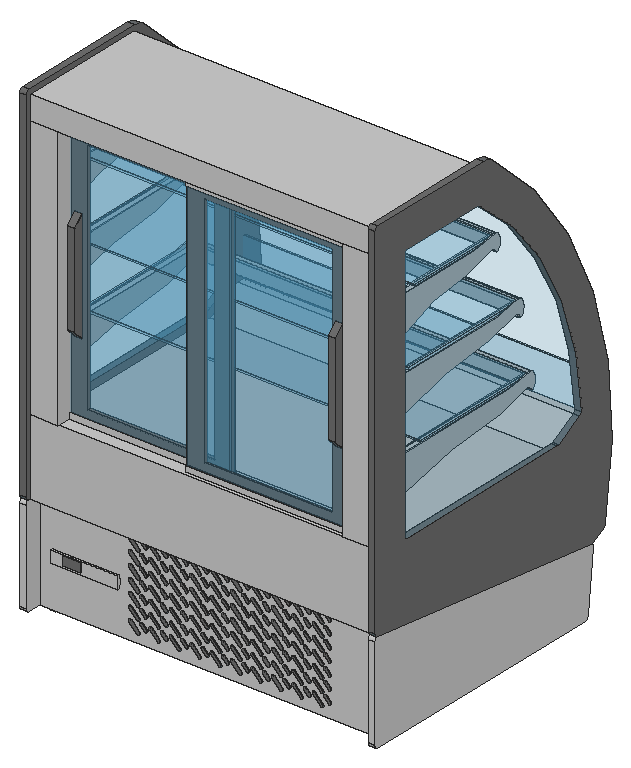
Revit family "QF_INFRICO_VBR9DS_250815081934", category Specialty Equipment, Revit 2021 (continued)
Definition of nested family "QF_INFRICO_VBR9DS_2920"
  Forms (mm)
    Extrusion 68, solid
      sketch origin (1643.376, -765.123, -1.698) x (-1, 0, 0) y (0, 0, 1)
        loop
          arc (1087.053, 236.648) -> (1087.053, 243.012) -> (1080.689, 243.012) r 4.5
          line (1080.689, 243.012) -> (1069.376, 231.698)
          arc (1069.376, 231.698) -> (1069.376, 225.335) -> (1075.739, 225.335) r 4.5
        loop
          line (1096.497, 246.364) -> (1118.417, 268.284)
          arc (1118.417, 268.284) -> (1118.417, 274.648) -> (1112.053, 274.648) r 4.5
          line (1112.053, 274.648) -> (1090.133, 252.728)
          arc (1090.133, 252.728) -> (1090.133, 246.364) -> (1096.497, 246.364) r 4.5
        loop
          line (1075.739, 259.335) -> (1087.053, 270.648)
          arc (1087.053, 270.648) -> (1087.053, 277.012) -> (1080.689, 277.012) r 4.5
          line (1080.689, 277.012) -> (1069.376, 265.698)
          arc (1069.376, 265.698) -> (1069.376, 259.335) -> (1075.739, 259.335) r 4.5
        loop
          line (1040.497, 42.364) -> (1062.417, 64.284)
          arc (1062.417, 64.284) -> (1062.417, 70.648) -> (1056.053, 70.648) r 4.5
          line (1056.053, 70.648) -> (1034.133, 48.728)
          arc (1034.133, 48.728) -> (1034.133, 42.364) -> (1040.497, 42.364) r 4.5
        loop
          line (1019.739, 55.335) -> (1031.053, 66.648)
          arc (1031.053, 66.648) -> (1031.053, 73.012) -> (1024.689, 73.012) r 4.5
          line (1024.689, 73.012) -> (1013.376, 61.698)
          arc (1013.376, 61.698) -> (1013.376, 55.335) -> (1019.739, 55.335) r 4.5
        loop
          line (1040.497, 76.364) -> (1062.417, 98.284)
          arc (1062.417, 98.284) -> (1062.417, 104.648) -> (1056.053, 104.648) r 4.5
          line (1056.053, 104.648) -> (1034.133, 82.728)
          arc (1034.133, 82.728) -> (1034.133, 76.364) -> (1040.497, 76.364) r 4.5
        loop
          line (1019.739, 89.335) -> (1031.053, 100.648)
          arc (1031.053, 100.648) -> (1031.053, 107.012) -> (1024.689, 107.012) r 4.5
          line (1024.689, 107.012) -> (1013.376, 95.698)
          arc (1013.376, 95.698) -> (1013.376, 89.335) -> (1019.739, 89.335) r 4.5
        loop
          line (1040.497, 110.364) -> (1062.417, 132.284)
          arc (1062.417, 132.284) -> (1062.417, 138.648) -> (1056.053, 138.648) r 4.5
          line (1056.053, 138.648) -> (1034.133, 116.728)
          arc (1034.133, 116.728) -> (1034.133, 110.364) -> (1040.497, 110.364) r 4.5
        loop
          line (1019.739, 123.335) -> (1031.053, 134.648)
          arc (1031.053, 134.648) -> (1031.053, 141.012) -> (1024.689, 141.012) r 4.5
          line (1024.689, 141.012) -> (1013.376, 129.698)
          arc (1013.376, 129.698) -> (1013.376, 123.335) -> (1019.739, 123.335) r 4.5
        loop
          line (1040.497, 144.364) -> (1062.417, 166.284)
          arc (1062.417, 166.284) -> (1062.417, 172.648) -> (1056.053, 172.648) r 4.5
          line (1056.053, 172.648) -> (1034.133, 150.728)
          arc (1034.133, 150.728) -> (1034.133, 144.364) -> (1040.497, 144.364) r 4.5
        loop
          line (1019.739, 157.335) -> (1031.053, 168.648)
          arc (1031.053, 168.648) -> (1031.053, 175.012) -> (1024.689, 175.012) r 4.5
          line (1024.689, 175.012) -> (1013.376, 163.698)
          arc (1013.376, 163.698) -> (1013.376, 157.335) -> (1019.739, 157.335) r 4.5
        loop
          line (1040.497, 178.364) -> (1062.417, 200.284)
          arc (1062.417, 200.284) -> (1062.417, 206.648) -> (1056.053, 206.648) r 4.5
          line (1056.053, 206.648) -> (1034.133, 184.728)
          arc (1034.133, 184.728) -> (1034.133, 178.364) -> (1040.497, 178.364) r 4.5
        loop
          line (1019.739, 191.335) -> (1031.053, 202.648)
          arc (1031.053, 202.648) -> (1031.053, 209.012) -> (1024.689, 209.012) r 4.5
          line (1024.689, 209.012) -> (1013.376, 197.698)
          arc (1013.376, 197.698) -> (1013.376, 191.335) -> (1019.739, 191.335) r 4.5
        loop
          line (1040.497, 212.364) -> (1062.417, 234.284)
          arc (1062.417, 234.284) -> (1062.417, 240.648) -> (1056.053, 240.648) r 4.5
          line (1056.053, 240.648) -> (1034.133, 218.728)
          arc (1034.133, 218.728) -> (1034.133, 212.364) -> (1040.497, 212.364) r 4.5
        loop
          line (1019.739, 225.335) -> (1031.053, 236.648)
          arc (1031.053, 236.648) -> (1031.053, 243.012) -> (1024.689, 243.012) r 4.5
          line (1024.689, 243.012) -> (1013.376, 231.698)
          arc (1013.376, 231.698) -> (1013.376, 225.335) -> (1019.739, 225.335) r 4.5
        loop
          line (1040.497, 246.364) -> (1062.417, 268.284)
          arc (1062.417, 268.284) -> (1062.417, 274.648) -> (1056.053, 274.648) r 4.5
          line (1056.053, 274.648) -> (1034.133, 252.728)
          arc (1034.133, 252.728) -> (1034.133, 246.364) -> (1040.497, 246.364) r 4.5
        loop
          line (1019.739, 259.335) -> (1031.053, 270.648)
          arc (1031.053, 270.648) -> (1031.053, 277.012) -> (1024.689, 277.012) r 4.5
          line (1024.689, 277.012) -> (1013.376, 265.698)
          arc (1013.376, 265.698) -> (1013.376, 259.335) -> (1019.739, 259.335) r 4.5
        loop
          line (984.497, 42.364) -> (1006.417, 64.284)
          arc (1006.417, 64.284) -> (1006.417, 70.648) -> (1000.053, 70.648) r 4.5
          line (1000.053, 70.648) -> (978.133, 48.728)
          arc (978.133, 48.728) -> (978.133, 42.364) -> (984.497, 42.364) r 4.5
        loop
          line (963.739, 55.335) -> (975.053, 66.648)
          arc (975.053, 66.648) -> (975.053, 73.012) -> (968.689, 73.012) r 4.5
          line (968.689, 73.012) -> (957.376, 61.698)
          arc (957.376, 61.698) -> (957.376, 55.335) -> (963.739, 55.335) r 4.5
        loop
          line (984.497, 76.364) -> (1006.417, 98.284)
          arc (1006.417, 98.284) -> (1006.417, 104.648) -> (1000.053, 104.648) r 4.5
          line (1000.053, 104.648) -> (978.133, 82.728)
          arc (978.133, 82.728) -> (978.133, 76.364) -> (984.497, 76.364) r 4.5
        loop
          line (963.739, 89.335) -> (975.053, 100.648)
          arc (975.053, 100.648) -> (975.053, 107.012) -> (968.689, 107.012) r 4.5
          line (968.689, 107.012) -> (957.376, 95.698)
          arc (957.376, 95.698) -> (957.376, 89.335) -> (963.739, 89.335) r 4.5
        loop
          line (984.497, 110.364) -> (1006.417, 132.284)
          arc (1006.417, 132.284) -> (1006.417, 138.648) -> (1000.053, 138.648) r 4.5
          line (1000.053, 138.648) -> (978.133, 116.728)
          arc (978.133, 116.728) -> (978.133, 110.364) -> (984.497, 110.364) r 4.5
        loop
          line (963.739, 123.335) -> (975.053, 134.648)
          arc (975.053, 134.648) -> (975.053, 141.012) -> (968.689, 141.012) r 4.5
          line (968.689, 141.012) -> (957.376, 129.698)
          arc (957.376, 129.698) -> (957.376, 123.335) -> (963.739, 123.335) r 4.5
        loop
          line (984.497, 144.364) -> (1006.417, 166.284)
          arc (1006.417, 166.284) -> (1006.417, 172.648) -> (1000.053, 172.648) r 4.5
          line (1000.053, 172.648) -> (978.133, 150.728)
          arc (978.133, 150.728) -> (978.133, 144.364) -> (984.497, 144.364) r 4.5
        loop
          line (963.739, 157.335) -> (975.053, 168.648)
          arc (975.053, 168.648) -> (975.053, 175.012) -> (968.689, 175.012) r 4.5
          line (968.689, 175.012) -> (957.376, 163.698)
          arc (957.376, 163.698) -> (957.376, 157.335) -> (963.739, 157.335) r 4.5
        loop
          line (984.497, 178.364) -> (1006.417, 200.284)
          arc (1006.417, 200.284) -> (1006.417, 206.648) -> (1000.053, 206.648) r 4.5
          line (1000.053, 206.648) -> (978.133, 184.728)
          arc (978.133, 184.728) -> (978.133, 178.364) -> (984.497, 178.364) r 4.5
        loop
          line (963.739, 191.335) -> (975.053, 202.648)
          arc (975.053, 202.648) -> (975.053, 209.012) -> (968.689, 209.012) r 4.5
          line (968.689, 209.012) -> (957.376, 197.698)
          arc (957.376, 197.698) -> (957.376, 191.335) -> (963.739, 191.335) r 4.5
        loop
          line (984.497, 212.364) -> (1006.417, 234.284)
          arc (1006.417, 234.284) -> (1006.417, 240.648) -> (1000.053, 240.648) r 4.5
          line (1000.053, 240.648) -> (978.133, 218.728)
          arc (978.133, 218.728) -> (978.133, 212.364) -> (984.497, 212.364) r 4.5
        loop
          line (963.739, 225.335) -> (975.053, 236.648)
          arc (975.053, 236.648) -> (975.053, 243.012) -> (968.689, 243.012) r 4.5
          line (968.689, 243.012) -> (957.376, 231.698)
          arc (957.376, 231.698) -> (957.376, 225.335) -> (963.739, 225.335) r 4.5
        loop
          line (984.497, 246.364) -> (1006.417, 268.284)
          arc (1006.417, 268.284) -> (1006.417, 274.648) -> (1000.053, 274.648) r 4.5
          line (1000.053, 274.648) -> (978.133, 252.728)
          arc (978.133, 252.728) -> (978.133, 246.364) -> (984.497, 246.364) r 4.5
        loop
          line (963.739, 259.335) -> (975.053, 270.648)
          arc (975.053, 270.648) -> (975.053, 277.012) -> (968.689, 277.012) r 4.5
          line (968.689, 277.012) -> (957.376, 265.698)
          arc (957.376, 265.698) -> (957.376, 259.335) -> (963.739, 259.335) r 4.5
        loop
          line (928.497, 42.364) -> (950.417, 64.284)
          arc (950.417, 64.284) -> (950.417, 70.648) -> (944.053, 70.648) r 4.5
          line (944.053, 70.648) -> (922.133, 48.728)
          arc (922.133, 48.728) -> (922.133, 42.364) -> (928.497, 42.364) r 4.5
        loop
          line (907.739, 55.335) -> (919.053, 66.648)
          arc (919.053, 66.648) -> (919.053, 73.012) -> (912.689, 73.012) r 4.5
          line (912.689, 73.012) -> (901.376, 61.698)
          arc (901.376, 61.698) -> (901.376, 55.335) -> (907.739, 55.335) r 4.5
        loop
          line (928.497, 76.364) -> (950.417, 98.284)
          arc (950.417, 98.284) -> (950.417, 104.648) -> (944.053, 104.648) r 4.5
          line (944.053, 104.648) -> (922.133, 82.728)
          arc (922.133, 82.728) -> (922.133, 76.364) -> (928.497, 76.364) r 4.5
        loop
          line (907.739, 89.335) -> (919.053, 100.648)
          arc (919.053, 100.648) -> (919.053, 107.012) -> (912.689, 107.012) r 4.5
          line (912.689, 107.012) -> (901.376, 95.698)
          arc (901.376, 95.698) -> (901.376, 89.335) -> (907.739, 89.335) r 4.5
        loop
          line (928.497, 110.364) -> (950.417, 132.284)
          arc (950.417, 132.284) -> (950.417, 138.648) -> (944.053, 138.648) r 4.5
          line (944.053, 138.648) -> (922.133, 116.728)
          arc (922.133, 116.728) -> (922.133, 110.364) -> (928.497, 110.364) r 4.5
        loop
          line (907.739, 123.335) -> (919.053, 134.648)
          arc (919.053, 134.648) -> (919.053, 141.012) -> (912.689, 141.012) r 4.5
          line (912.689, 141.012) -> (901.376, 129.698)
          arc (901.376, 129.698) -> (901.376, 123.335) -> (907.739, 123.335) r 4.5
        loop
          line (928.497, 144.364) -> (950.417, 166.284)
          arc (950.417, 166.284) -> (950.417, 172.648) -> (944.053, 172.648) r 4.5
          line (944.053, 172.648) -> (922.133, 150.728)
          arc (922.133, 150.728) -> (922.133, 144.364) -> (928.497, 144.364) r 4.5
        loop
          line (907.739, 157.335) -> (919.053, 168.648)
          arc (919.053, 168.648) -> (919.053, 175.012) -> (912.689, 175.012) r 4.5
          line (912.689, 175.012) -> (901.376, 163.698)
          arc (901.376, 163.698) -> (901.376, 157.335) -> (907.739, 157.335) r 4.5
        loop
          line (928.497, 178.364) -> (950.417, 200.284)
          arc (950.417, 200.284) -> (950.417, 206.648) -> (944.053, 206.648) r 4.5
          line (944.053, 206.648) -> (922.133, 184.728)
          arc (922.133, 184.728) -> (922.133, 178.364) -> (928.497, 178.364) r 4.5
        loop
          line (907.739, 191.335) -> (919.053, 202.648)
          arc (919.053, 202.648) -> (919.053, 209.012) -> (912.689, 209.012) r 4.5
          line (912.689, 209.012) -> (901.376, 197.698)
          arc (901.376, 197.698) -> (901.376, 191.335) -> (907.739, 191.335) r 4.5
        loop
          line (928.497, 212.364) -> (950.417, 234.284)
          arc (950.417, 234.284) -> (950.417, 240.648) -> (944.053, 240.648) r 4.5
          line (944.053, 240.648) -> (922.133, 218.728)
          arc (922.133, 218.728) -> (922.133, 212.364) -> (928.497, 212.364) r 4.5
        loop
          line (907.739, 225.335) -> (919.053, 236.648)
          arc (919.053, 236.648) -> (919.053, 243.012) -> (912.689, 243.012) r 4.5
          line (912.689, 243.012) -> (901.376, 231.698)
          arc (901.376, 231.698) -> (901.376, 225.335) -> (907.739, 225.335) r 4.5
        loop
          line (928.497, 246.364) -> (950.417, 268.284)
          arc (950.417, 268.284) -> (950.417, 274.648) -> (944.053, 274.648) r 4.5
          line (944.053, 274.648) -> (922.133, 252.728)
          arc (922.133, 252.728) -> (922.133, 246.364) -> (928.497, 246.364) r 4.5
        loop
          line (907.739, 259.335) -> (919.053, 270.648)
          arc (919.053, 270.648) -> (919.053, 277.012) -> (912.689, 277.012) r 4.5
          line (912.689, 277.012) -> (901.376, 265.698)
          arc (901.376, 265.698) -> (901.376, 259.335) -> (907.739, 259.335) r 4.5
        loop
          line (872.497, 42.364) -> (894.417, 64.284)
          arc (894.417, 64.284) -> (894.417, 70.648) -> (888.053, 70.648) r 4.5
          line (888.053, 70.648) -> (866.133, 48.728)
          arc (866.133, 48.728) -> (866.133, 42.364) -> (872.497, 42.364) r 4.5
        loop
          line (851.739, 55.335) -> (863.053, 66.648)
          arc (863.053, 66.648) -> (863.053, 73.012) -> (856.689, 73.012) r 4.5
          line (856.689, 73.012) -> (845.376, 61.698)
          arc (845.376, 61.698) -> (845.376, 55.335) -> (851.739, 55.335) r 4.5
        loop
          line (872.497, 76.364) -> (894.417, 98.284)
          arc (894.417, 98.284) -> (894.417, 104.648) -> (888.053, 104.648) r 4.5
          line (888.053, 104.648) -> (866.133, 82.728)
          arc (866.133, 82.728) -> (866.133, 76.364) -> (872.497, 76.364) r 4.5
        loop
          line (851.739, 89.335) -> (863.053, 100.648)
          arc (863.053, 100.648) -> (863.053, 107.012) -> (856.689, 107.012) r 4.5
          line (856.689, 107.012) -> (845.376, 95.698)
          arc (845.376, 95.698) -> (845.376, 89.335) -> (851.739, 89.335) r 4.5
        loop
          line (872.497, 110.364) -> (894.417, 132.284)
          arc (894.417, 132.284) -> (894.417, 138.648) -> (888.053, 138.648) r 4.5
          line (888.053, 138.648) -> (866.133, 116.728)
          arc (866.133, 116.728) -> (866.133, 110.364) -> (872.497, 110.364) r 4.5
        loop
          line (851.739, 123.335) -> (863.053, 134.648)
          arc (863.053, 134.648) -> (863.053, 141.012) -> (856.689, 141.012) r 4.5
          line (856.689, 141.012) -> (845.376, 129.698)
          arc (845.376, 129.698) -> (845.376, 123.335) -> (851.739, 123.335) r 4.5
        loop
          line (872.497, 144.364) -> (894.417, 166.284)
          arc (894.417, 166.284) -> (894.417, 172.648) -> (888.053, 172.648) r 4.5
          line (888.053, 172.648) -> (866.133, 150.728)
          arc (866.133, 150.728) -> (866.133, 144.364) -> (872.497, 144.364) r 4.5
        loop
          line (851.739, 157.335) -> (863.053, 168.648)
          arc (863.053, 168.648) -> (863.053, 175.012) -> (856.689, 175.012) r 4.5
          line (856.689, 175.012) -> (845.376, 163.698)
          arc (845.376, 163.698) -> (845.376, 157.335) -> (851.739, 157.335) r 4.5
        loop
          line (872.497, 178.364) -> (894.417, 200.284)
          arc (894.417, 200.284) -> (894.417, 206.648) -> (888.053, 206.648) r 4.5
          line (888.053, 206.648) -> (866.133, 184.728)
          arc (866.133, 184.728) -> (866.133, 178.364) -> (872.497, 178.364) r 4.5
        loop
          line (851.739, 191.335) -> (863.053, 202.648)
          arc (863.053, 202.648) -> (863.053, 209.012) -> (856.689, 209.012) r 4.5
          line (856.689, 209.012) -> (845.376, 197.698)
          arc (845.376, 197.698) -> (845.376, 191.335) -> (851.739, 191.335) r 4.5
        loop
          line (872.497, 212.364) -> (894.417, 234.284)
          arc (894.417, 234.284) -> (894.417, 240.648) -> (888.053, 240.648) r 4.5
          line (888.053, 240.648) -> (866.133, 218.728)
          arc (866.133, 218.728) -> (866.133, 212.364) -> (872.497, 212.364) r 4.5
        loop
          line (851.739, 225.335) -> (863.053, 236.648)
          arc (863.053, 236.648) -> (863.053, 243.012) -> (856.689, 243.012) r 4.5
          line (856.689, 243.012) -> (845.376, 231.698)
          arc (845.376, 231.698) -> (845.376, 225.335) -> (851.739, 225.335) r 4.5
        loop
          line (872.497, 246.364) -> (894.417, 268.284)
          arc (894.417, 268.284) -> (894.417, 274.648) -> (888.053, 274.648) r 4.5
          line (888.053, 274.648) -> (866.133, 252.728)
          arc (866.133, 252.728) -> (866.133, 246.364) -> (872.497, 246.364) r 4.5
        loop
          line (851.739, 259.335) -> (863.053, 270.648)
          arc (863.053, 270.648) -> (863.053, 277.012) -> (856.689, 277.012) r 4.5
          line (856.689, 277.012) -> (845.376, 265.698)
          arc (845.376, 265.698) -> (845.376, 259.335) -> (851.739, 259.335) r 4.5
      from 0 to 2
    Extrusion 69, solid
      sketch origin (-1164.261, -765.023, -465.555) x (1, 0, 0) y (0, 0, 1)
        loop
          arc (1199.261, 600.555) -> (1290.761, 599.555) -> (1382.261, 600.555) r 4186.625
          arc (1382.261, 600.555) -> (1383.261, 617.555) -> (1382.261, 634.555) r 145
          arc (1382.261, 634.555) -> (1290.761, 635.555) -> (1199.261, 634.555) r 4186.625
          arc (1199.261, 634.555) -> (1198.261, 617.555) -> (1199.261, 600.555) r 145
      from 0 to 5
    Extrusion 70, solid
      sketch origin (-1145.261, -768.123, -465.555) x (1, 0, 0) y (0, 0, 1)
        loop
          line (1212.261, 629.555) -> (1212.261, 605.555) -> (1262.261, 605.555) -> (1262.261, 629.555) -> (1212.261, 629.555)
      from 0 to 2
    Extrusion 71, solid, visible <- "Show Logo"
      sketch origin (1362.72, -52.93, -305.042) x (-1, 0, 0) y (0, -0.045615, -0.998959)
        loop
          line (1208.799, -696.53) -> (1204.173, -696.53) -> (1204.173, -719.204) -> (1208.799, -719.204) -> (1208.799, -696.53)
        loop
          arc (1214.779, -713.006) -> (1215.36, -712.765) -> (1215.601, -712.184) r 0.822
          line (1215.601, -712.184) -> (1215.669, -711.361)
          arc (1215.669, -711.361) -> (1218.282, -712.674) -> (1221.141, -713.281) r 11.435
          arc (1221.141, -713.281) -> (1224.637, -712.075) -> (1226.121, -708.689) r 4.607
          line (1226.121, -708.689) -> (1226.121, -696.53) -> (1221.598, -696.53) -> (1221.598, -707.557)
          arc (1221.598, -707.557) -> (1220.929, -708.961) -> (1219.417, -709.324) r 1.806
          arc (1219.417, -709.324) -> (1217.528, -708.741) -> (1215.772, -707.832) r 11.052
          line (1215.772, -707.832) -> (1215.772, -696.53) -> (1211.283, -696.53) -> (1211.283, -713.006) -> (1214.779, -713.006)
        loop
          line (1238.557, -720.102) -> (1238.557, -717.255)
          arc (1238.557, -717.255) -> (1238.306, -716.65) -> (1237.7, -716.399) r 0.857
          line (1237.7, -716.399) -> (1236.045, -716.271)
          arc (1236.045, -716.271) -> (1234.956, -715.705) -> (1234.547, -714.548) r 1.67
          line (1234.547, -714.548) -> (1234.547, -712.938) -> (1238.249, -712.938) -> (1238.249, -709.374) -> (1234.547, -709.374) -> (1234.547, -696.53) -> (1230.024, -696.53) -> (1230.024, -709.374) -> (1227.351, -709.374) -> (1227.351, -712.703) -> (1230.024, -712.909) -> (1230.024, -715.062)
          arc (1230.024, -715.062) -> (1230.805, -717.616) -> (1232.881, -719.297) r 4.567
          arc (1232.881, -719.297) -> (1235.052, -719.926) -> (1237.306, -720.102) r 11.103
          line (1237.306, -720.102) -> (1238.557, -720.102)
        loop
          line (1239.479, -713.006) -> (1243.726, -713.006) -> (1243.899, -710.984)
          arc (1243.899, -710.984) -> (1246.197, -712.588) -> (1248.912, -713.28) r 7.833
          arc (1248.912, -713.28) -> (1249.531, -713.061) -> (1249.793, -712.458) r 0.824
          line (1249.793, -712.458) -> (1249.793, -710.265)
          arc (1249.793, -710.265) -> (1249.643, -709.758) -> (1249.241, -709.416) r 0.928
          line (1249.241, -709.416) -> (1248.077, -709.268)
          arc (1248.077, -709.268) -> (1245.873, -708.631) -> (1243.968, -707.352) r 7.435
          line (1243.968, -707.352) -> (1243.968, -696.53) -> (1239.479, -696.53) -> (1239.479, -713.006)
        loop
          line (1255.495, -696.53) -> (1251.006, -696.53) -> (1251.006, -713.006) -> (1255.495, -713.006) -> (1255.495, -696.53)
        loop
          line (1257.421, -701.327) -> (1257.421, -708.243)
          arc (1257.421, -708.243) -> (1258.571, -711.349) -> (1261.466, -712.959) r 4.772
          arc (1261.466, -712.959) -> (1264.493, -713.294) -> (1267.521, -712.959) r 13.851
          arc (1267.521, -712.959) -> (1270.524, -710.556) -> (1271.505, -706.838) r 6.132
          line (1271.505, -706.838) -> (1267.187, -706.838) -> (1267.187, -707.9)
          arc (1267.187, -707.9) -> (1266.64, -709.118) -> (1265.442, -709.705) r 1.965
          arc (1265.442, -709.705) -> (1264.547, -709.754) -> (1263.653, -709.705) r 8.196
          arc (1263.653, -709.705) -> (1262.417, -709.155) -> (1261.91, -707.9) r 1.806
          line (1261.91, -707.9) -> (1261.91, -701.67)
          arc (1261.91, -701.67) -> (1262.417, -700.415) -> (1263.653, -699.865) r 1.806
          arc (1263.653, -699.865) -> (1264.547, -699.816) -> (1265.442, -699.865) r 8.196
          arc (1265.442, -699.865) -> (1266.64, -700.452) -> (1267.187, -701.67) r 1.965
          line (1267.187, -701.67) -> (1267.187, -703.041) -> (1271.505, -703.041)
          arc (1271.505, -703.041) -> (1270.575, -699.134) -> (1267.521, -696.525) r 6.481
          arc (1267.521, -696.525) -> (1264.493, -696.266) -> (1261.466, -696.525) r 17.816
          arc (1261.466, -696.525) -> (1258.567, -698.188) -> (1257.421, -701.327) r 4.873
        loop
          line (1272.916, -701.329) -> (1272.916, -708.242)
          arc (1272.916, -708.242) -> (1273.993, -711.226) -> (1276.726, -712.837) r 4.676
          arc (1276.726, -712.837) -> (1278.515, -713.116) -> (1280.318, -713.28) r 28.371
          arc (1280.318, -713.28) -> (1282.122, -713.116) -> (1283.911, -712.837) r 28.371
          arc (1283.911, -712.837) -> (1286.644, -711.226) -> (1287.72, -708.242) r 4.676
          line (1287.72, -708.242) -> (1287.72, -701.329)
          arc (1287.72, -701.329) -> (1286.644, -698.345) -> (1283.911, -696.734) r 4.676
          arc (1283.911, -696.734) -> (1282.122, -696.455) -> (1280.318, -696.291) r 28.371
          arc (1280.318, -696.291) -> (1278.515, -696.455) -> (1276.726, -696.734) r 28.371
          arc (1276.726, -696.734) -> (1273.993, -698.345) -> (1272.916, -701.329) r 4.676
        loop
          arc (1277.405, -707.866) -> (1277.844, -709.015) -> (1278.936, -709.58) r 1.725
          arc (1278.936, -709.58) -> (1279.627, -709.653) -> (1280.318, -709.716) r 46.133
          arc (1280.318, -709.716) -> (1281.01, -709.653) -> (1281.701, -709.58) r 46.133
          arc (1281.701, -709.58) -> (1282.793, -709.015) -> (1283.231, -707.866) r 1.725
          line (1283.231, -707.866) -> (1283.231, -701.705)
          arc (1283.231, -701.705) -> (1282.793, -700.556) -> (1281.701, -699.991) r 1.725
          arc (1281.701, -699.991) -> (1281.01, -699.918) -> (1280.318, -699.856) r 46.133
          arc (1280.318, -699.856) -> (1279.627, -699.918) -> (1278.936, -699.991) r 46.133
          arc (1278.936, -699.991) -> (1277.844, -700.556) -> (1277.405, -701.705) r 1.725
          line (1277.405, -701.705) -> (1277.405, -707.866)
        loop
          line (1190.339, -696.543) -> (1170.042, -696.543)
          arc (1170.042, -696.543) -> (1168.969, -696.987) -> (1168.525, -698.059) r 1.516
          line (1168.525, -698.059) -> (1168.525, -703.891) -> (1164.346, -703.891)
          arc (1164.346, -703.891) -> (1163.591, -704.121) -> (1163.163, -704.782) r 1.147
          line (1163.163, -704.782) -> (1163.163, -706.211)
          arc (1163.163, -706.211) -> (1163.594, -707.258) -> (1164.662, -707.634) r 1.385
          line (1164.662, -707.634) -> (1165.861, -707.634) -> (1163.163, -710.332)
          arc (1163.163, -710.332) -> (1162.776, -711.266) -> (1163.163, -712.2) r 1.321
          line (1163.163, -712.2) -> (1163.886, -712.923)
          arc (1163.886, -712.923) -> (1164.841, -713.338) -> (1165.823, -712.991) r 1.422
          line (1165.823, -712.991) -> (1168.528, -710.286) -> (1168.528, -711.479)
          arc (1168.528, -711.479) -> (1168.938, -712.516) -> (1169.946, -712.992) r 1.516
          line (1169.946, -712.992) -> (1170.867, -712.992)
          arc (1170.867, -712.992) -> (1171.87, -712.514) -> (1172.278, -711.479) r 1.516
          line (1172.278, -711.479) -> (1172.278, -706.83) -> (1178.308, -701.336) -> (1178.308, -707.509) -> (1174.742, -711.075)
          arc (1174.742, -711.075) -> (1174.328, -712.073) -> (1174.742, -713.071) r 1.412
          line (1174.742, -713.071) -> (1175.394, -713.723)
          arc (1175.394, -713.723) -> (1176.442, -714.141) -> (1177.466, -713.667) r 1.428
          line (1177.466, -713.667) -> (1178.308, -712.825) -> (1178.308, -717.784)
          arc (1178.308, -717.784) -> (1178.723, -718.787) -> (1179.726, -719.203) r 1.418
          line (1179.726, -719.203) -> (1180.655, -719.203)
          arc (1180.655, -719.203) -> (1181.658, -718.787) -> (1182.073, -717.784) r 1.418
          line (1182.073, -717.784) -> (1182.073, -712.825) -> (1182.915, -713.667)
          arc (1182.915, -713.667) -> (1183.939, -714.141) -> (1184.987, -713.723) r 1.428
          line (1184.987, -713.723) -> (1185.639, -713.071)
          arc (1185.639, -713.071) -> (1186.053, -712.073) -> (1185.639, -711.075) r 1.412
          line (1185.639, -711.075) -> (1182.073, -707.509) -> (1182.073, -701.336) -> (1188.103, -706.83) -> (1188.103, -711.479)
          arc (1188.103, -711.479) -> (1188.511, -712.514) -> (1189.514, -712.992) r 1.516
          line (1189.514, -712.992) -> (1190.435, -712.992)
          arc (1190.435, -712.992) -> (1191.443, -712.516) -> (1191.853, -711.479) r 1.516
          line (1191.853, -711.479) -> (1191.853, -710.286) -> (1194.558, -712.991)
          arc (1194.558, -712.991) -> (1195.54, -713.338) -> (1196.495, -712.923) r 1.422
          line (1196.495, -712.923) -> (1197.218, -712.2)
          arc (1197.218, -712.2) -> (1197.605, -711.266) -> (1197.218, -710.332) r 1.321
          line (1197.218, -710.332) -> (1194.52, -707.634) -> (1195.719, -707.634)
          arc (1195.719, -707.634) -> (1196.787, -707.258) -> (1197.218, -706.211) r 1.385
          line (1197.218, -706.211) -> (1197.218, -704.782)
          arc (1197.218, -704.782) -> (1196.79, -704.121) -> (1196.035, -703.891) r 1.147
          line (1196.035, -703.891) -> (1191.856, -703.891) -> (1191.856, -698.059)
          arc (1191.856, -698.059) -> (1191.411, -696.987) -> (1190.339, -696.543) r 1.516
      from 0 to 2
    Extrusion 72, solid
      sketch origin (-1000, 0, 479) x (1, 0, 0) y (0, 1, 0)
        loop
          line (1000, -699.023) -> (1050, -699.023) -> (1050, -739.023) -> (1888, -739.023) -> (1888, -699.023) -> (1938, -699.023) -> (1938, -688.023) -> (1000, -688.023) -> (1000, -699.023)
      from 0 to 2
    Extrusion 73, solid
      sketch origin (0, 0, 0) x (0, 1, 0) y (0, 0, 1)
        loop
          line (-688.023, 479) -> (-690.023, 479) -> (-690.023, 448) -> (-688.023, 448) -> (-688.023, 479)
      from 0 to 938
    Extrusion 74, solid
      sketch origin (828, 0, 0) x (0, 1, 0) y (0, 0, 1)
        loop
          line (-786.023, 708.5) -> (-786.023, 1015.5) -> (-810, 989.525) -> (-810, 734.5) -> (-786.023, 708.5)
      from 0 to 19
    Extrusion 75, solid
      sketch origin (110, 26, 0) x (0, 1, 0) y (0, 0, -1)
        loop
          line (-786.023, -708.5) -> (-810, -734.5) -> (-810, -989.525) -> (-786.023, -1015.5) -> (-786.023, -708.5)
      from 0 to 19
    Extrusion 76, solid
      sketch origin (-1186.261, -424.423, 613.945) x (1, 0, 0) y (0, 0, -1)
        loop
          line (1212.261, -629.555) -> (1262.261, -629.555) -> (1262.261, -605.555) -> (1212.261, -605.555) -> (1212.261, -629.555)
      from 0 to 2
    Extrusion 77, solid
      sketch origin (-32, 0, 0) x (0, 1, 0) y (0, 0, 1)
        loop
          line (-422.523, 1219.5) -> (-422.523, 1243.5)
          arc (-422.523, 1243.5) -> (-423.255, 1245.268) -> (-425.023, 1246) r 2.5
          line (-425.023, 1246) -> (-425.023, 1217)
          arc (-425.023, 1217) -> (-423.255, 1217.732) -> (-422.523, 1219.5) r 2.5
      from 44 to 122
    Extrusion 78, solid
      sketch origin (0, 0, 0) x (0, 1, 0) y (0, 0, 1)
        loop
          line (-466.023, 1276) -> (-511.023, 1276) -> (-511.023, 1220) -> (-466.023, 1220) -> (-466.023, 1276)
      from 0 to 938
    Extrusion 79, solid
      sketch origin (0, 0, 39) x (0, 1, 0) y (0, 0, 1)
        loop
          line (-493.523, 1181) -> (-493.523, 1156)
          arc (-493.523, 1156) -> (-492.937, 1154.586) -> (-491.523, 1154) r 2
          line (-491.523, 1154) -> (-485.523, 1154)
          arc (-485.523, 1154) -> (-484.109, 1154.586) -> (-483.523, 1156) r 2
          line (-483.523, 1156) -> (-483.523, 1181) -> (-493.523, 1181)
      from 0 to 938
    Extrusion 80, solid
      sketch origin (434, 0, 39) x (0, 1, 0) y (0, 0, 1)
        loop
          line (-485.523, 1137) -> (-482.523, 1137) -> (-482.523, 1122) -> (-461.523, 1122)
          arc (-461.523, 1122) -> (-457.523, 1126) -> (-461.523, 1130) r 4
          line (-461.523, 1130) -> (-474.523, 1130) -> (-474.523, 1147) -> (-485.523, 1147) -> (-485.523, 1137)
      from 0 to 70
    Extrusion 81, solid
      sketch origin (429, 0, 39) x (0, 1, 0) y (0, 0, 1)
        loop
          line (-461.523, 1130) -> (-474.523, 1130) -> (-474.523, 1147) -> (-485.523, 1147) -> (-485.523, 1154) -> (-491.523, 1154) -> (-491.523, 1137) -> (-482.523, 1137) -> (-482.523, 1122) -> (-461.523, 1122)
          arc (-461.523, 1122) -> (-457.523, 1126) -> (-461.523, 1130) r 4
      from 0 to 5
    Extrusion 82, solid
      sketch origin (504, 0, 39) x (0, 1, 0) y (0, 0, 1)
        loop
          line (-485.523, 1147) -> (-485.523, 1154) -> (-491.523, 1154) -> (-491.523, 1137) -> (-482.523, 1137) -> (-482.523, 1122) -> (-461.523, 1122)
          arc (-461.523, 1122) -> (-457.523, 1126) -> (-461.523, 1130) r 4
          line (-461.523, 1130) -> (-474.523, 1130) -> (-474.523, 1147) -> (-485.523, 1147)
      from 0 to 5
    Extrusion 83, solid
      sketch origin (439, 0, 0) x (0, 1, 0) y (0, 0, 1)
        loop
          line (-457.523, 1161) -> (-470.523, 1161) -> (-470.523, 1158) -> (-454.523, 1158) -> (-454.523, 1174) -> (-457.523, 1174) -> (-457.523, 1161)
      from 0 to 60
  Cuts and joins
    joined: Extrusion 72, Extrusion 73
  Lines and regions (mm)
    symbolic lines
      curve 1: line (938, -800.023, 0) -> (938, -810, 0)
      curve 2: line (938, -810, 0) -> (956, -810, 0)
      curve 3: line (956, -810, 0) -> (956, 0, 0)
      curve 4: line (956, 0, 0) -> (938, 0, 0)
      curve 5: line (938, 0, 0) -> (938, -18.791, 0)
      curve 6: line (938, -18.791, 0) -> (0, -18.791, 0)
      curve 7: line (0, -18.791, 0) -> (0, 0, 0)
      curve 8: line (0, 0, 0) -> (-18, 0, 0)
      curve 9: line (-18, 0, 0) -> (-18, -810, 0)
      curve 10: line (-18, -810, 0) -> (0, -810, 0)
      curve 11: line (0, -810, 0) -> (0, -800.023, 0)
      curve 12: line (0, -800.023, 0) -> (938, -800.023, 0)
      curve 13: line (0, -18.791, 0) -> (0, -800.023, 0)
      curve 14: line (938, -800.023, 0) -> (938, -18.791, 0)
      curve 15: line (938, -49.195, 0) -> (0, -49.195, 0)
      curve 16: line (938, -62.023, 0) -> (0, -62.023, 0)
      curve 17: line (0, -68.023, 0) -> (938, -68.023, 0)
      curve 18: line (938, -90.023, 0) -> (0, -90.023, 0)
      curve 19: line (0, -181.023, 0) -> (938, -181.023, 0)
      curve 20: line (3, -236.023, 0) -> (3, -425.023, 0)
      curve 21: line (938, -425.023, 0) -> (0, -425.023, 0)
      curve 22: line (935, -425.023, 0) -> (935, -236.023, 0)
      curve 23: line (3, -236.023, 0) -> (935, -236.023, 0)
      curve 24: line (3, -356.023, 0) -> (935, -356.023, 0)
      curve 25: line (3, -276.023, 0) -> (935, -276.023, 0)
  Dimensions and locks
    plane 1 "Back" to plane 5 "Front" = 810 mm  (x2)
    plane 3 "Left" to plane 4 "Right" = 938 mm
    plane 6 "Top" to level = 1300 mm  (x2)
    plane 4 "Right" to plane 3 "Left" = 938 mm
    aligned and locked: level to plane 2
Definition of nested family "CONN_POINT_ELE_2D___Generic_Annotation"
  Parameters (values of type "CONN_POINT_ELE_2D___Generic_Annotation")
    Onboard connection annotation symbol visibility [instance] = yes
  Reference planes
    plane 1: y = 0
    plane 2: x = 0
  Lines and regions (mm)
    detail lines, visible <- "Onboard connection annotation symbol visibility"
      curve 1: circle (0, 0, 0) r 0.5 normal (0, 0, 1)
      curve 2: line (-1, 0, 0) -> (1, 0, 0)
      curve 3: line (0, 1, 0) -> (0, -1, 0)
      curve 4: line (2.5, 1, 0) -> (1.25, 1, 0)
      curve 5: line (1.25, 1, 0) -> (1.25, -1, 0)
      curve 6: line (1.25, -1, 0) -> (2.5, -1, 0)
      curve 7: line (1.25, 0, 0) -> (2, 0, 0)
